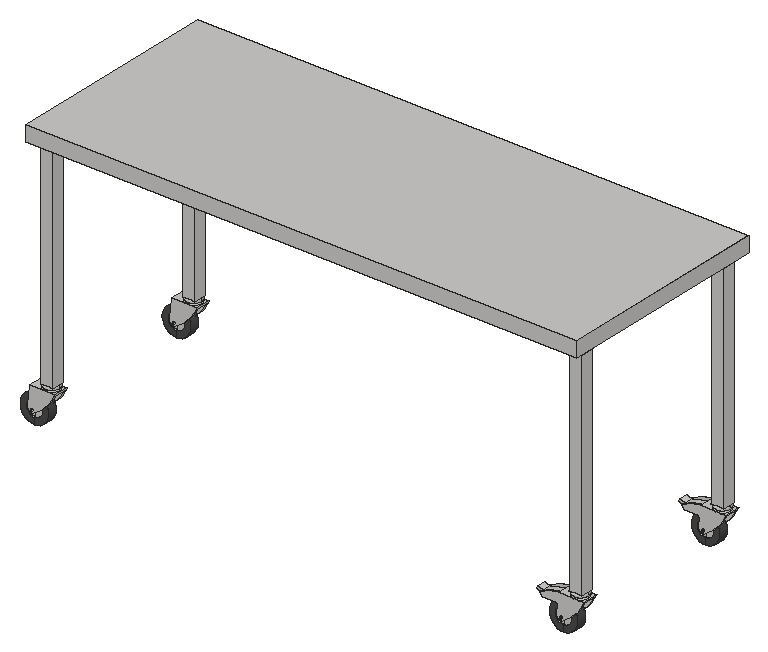
Revit family "QF_ZANUSSI_133243_TG1800MN", category Attrezzature speciali, Revit 2020
Family settings
  Quota connettore circolare = Usa diametro
  Tipo di parte = Normale
  Basato su piano di lavoro = No
  Sempre verticale = Sì
  Taglio con vuoti quando caricato = No
  Condiviso = No
  Punto di calcolo locali = No
Parameters (values of type "Standard")
  Weight = 54.00 kg
  Watts = 0 W
  Volts = 0 V
  URL Manufacturer = "http://www.zanussiprofessional.com"
  URL = "http://www.zanussiprofessional.com"
  Steam Supply Size = 0 mm
  Steam Supply Minimum Pressure = 0.0 Pa
  Steam Supply Maximum Pressure = 0.0 Pa
  Steam Consumption per Hour = 0
  Refrigeration Suction Line Size = 0.0 mm
  Refrigeration Liquid Line Size = 0.0 mm
  Refrigerant Compressor Remote = yes
  Prospetto di default = 0.0 mm
  Produttore = "Zanussi"
  Phase = 0
  Modello = "TG1800MN"
  Length Actual = 1800.0 mm  # constant formula
  Item Number = "133243"
  Hot Water Size = 0 mm
  Height Actual = 900.0 mm  # constant formula
  HP = "0 HP"
  Gas Size = 0 mm
  Gas KW = 0
  Gas Input Pressure = 0 W
  Direct Waste Size = 0 mm
  Descrizione = "WORK TABLE ON WHEELS 1800 MM"
  Depth Actual = 700.0 mm  # constant formula
  Cycle = 0 Hz
  Condensate Return Size = 0 mm
  Compressed Air Volume = 0.0 L/s
  Compressed Air Size = 0 mm
  Compressed Air Pressure = 0.0 Pa
  Cold Water Size = 0 mm
  Accessory = yes
Reference planes
  plane 1 "Center (Front/Back)": y = 0
  plane 2: z = 0
  plane 3 "Center (Left/Right)": x = -300
  plane 4 "LEFT": x = -1200
  plane 5 "RIGHT": x = 600
  plane 6 "BACK": y = 350
  plane 7 "FRONT": y = -350
  plane 8 "Base": z = 850
  plane 9 "TOP": z = 900
  plane 10: x = -1164.5
  plane 11: x = 564.5
  plane 12: y = 290
  plane 13: y = -290
Forms (mm)
  Extrusion 1, solid, material "QF_Finishes_Stainless Steel"
    sketch origin (0, 0, 900) x (0, 1, 0) y (-1, 0, 0)
      loop
        line (350, 1200) -> (-350, 1200) -> (-350, -600) -> (350, -600) -> (350, 1200)
    from 0 to -50
  Extrusion 2, solid, material "QF_Finishes_Stainless Steel"
    sketch origin (-300, 0, 0) x (0, 1, 0) y (0, 0, 1)
      loop
        line (350, 900) -> (-350, 900) -> (-350, 850) -> (350, 850) -> (350, 900)
    from 900 to -900
Lines and regions (mm)
  symbolic lines
    curve 1: line (600, 350, 900) -> (-1200, 350, 900)
    curve 2: line (-1200, 350, 900) -> (-1200, -350, 900)
    curve 3: line (-1200, -350, 900) -> (600, -350, 900)
    curve 4: line (600, -350, 900) -> (600, 350, 900)
Dimensions and locks
  plane 4 "LEFT" to plane 5 "RIGHT" = 1800.0 mm
  equal spacing: plane 4 "LEFT", plane 3 "Center (Left/Right)", plane 5 "RIGHT"
  equal spacing: plane 6 "BACK", plane 1 "Center (Front/Back)", plane 7 "FRONT"
  plane 6 "BACK" to plane 7 "FRONT" = 700.0 mm
  plane 8 "Base" to level = 850.0 mm
  plane 9 "TOP" to level = 900.0 mm
  plane 6 "BACK" to plane 12 = 60.0 mm
  plane 13 to plane 7 "FRONT" = 60.0 mm
  plane 4 "LEFT" to plane 10 = 35.5 mm
  plane 11 to plane 5 "RIGHT" = 35.5 mm
  plane 10 to plane 11 = 1729.0 mm
  plane 12 to plane 13 = 580.0 mm
  aligned and locked: level to plane 2
  aligned and locked: plane 10 to nested 1
  aligned and locked: nested 1 to plane 13
  aligned and locked: plane 11 to nested 2
  aligned and locked: nested 2 to plane 13
  aligned and locked: plane 11 to nested 4
  aligned and locked: nested 4 to plane 12
  aligned and locked: plane 10 to nested 3
  aligned and locked: nested 3 to plane 12
  aligned and locked: Extrusion 1 sketch curve to plane 6 "BACK"
  aligned and locked: Extrusion 1 sketch curve to plane 4 "LEFT"
  aligned and locked: Extrusion 1 sketch curve to plane 7 "FRONT"
  aligned and locked: Extrusion 1 sketch curve to plane 5 "RIGHT"
  aligned and locked: plane 12 to nested 6
  aligned and locked: plane 11 to nested 6
  aligned and locked: plane 13 to nested 5
  aligned and locked: plane 10 to nested 5
  aligned and locked: plane 12 to nested 7
  aligned and locked: plane 10 to nested 7
  aligned and locked: plane 11 to nested 8
  aligned and locked: plane 13 to nested 8
  aligned and locked: Extrusion 2 sketch curve to plane 6 "BACK"
  aligned and locked: Extrusion 2 sketch curve to plane 9 "TOP"
  aligned and locked: plane 8 "Base" to Extrusion 2 sketch curve
  aligned and locked: plane 7 "FRONT" to Extrusion 2 sketch curve
  aligned and locked: Extrusion 2 to plane 4 "LEFT"
  aligned and locked: plane 5 "RIGHT" to Extrusion 2
  aligned and locked: plane 6 "BACK" to Extrusion 2
  aligned and locked: Extrusion 2 to plane 7 "FRONT"
Automatic sketch dimensions
  curve 2 to plane 4 "LEFT" = 0.0 mm
  curve 2 to plane 7 "FRONT" = 0.0 mm
  curve 2 to plane 6 "BACK" = 0.0 mm
  curve 1 to plane 5 "RIGHT" = 0.0 mm
Nested families
  nested 1: "FEET_40x40_WHEEL" at (-1164.5, -290, 0), type "FEET_40x40_WHEEL"
  nested 2: "FEET_40x40_WHEEL" at (564.5, -290, 0), type "FEET_40x40_WHEEL"
  nested 3: "FEET_40x40_WHEEL" at (-1164.5, 290, 0), type "FEET_40x40_WHEEL"
  nested 4: "FEET_40x40_WHEEL" at (564.5, 290, 0), type "FEET_40x40_WHEEL"
  nested 5: "WHEEL130" at (-1164.5, -190.35, 0), type "WHEEL130"
    with Type Mark "", Status "", Specification by User "", Revision Code "", Installed By "", Identify Quantity as Lot yes, Furnished By "", Foodservice Equipment Identifier yes
  nested 6: "WHEEL130_LOCKED" at (564.5, 389.65, 0), type "WHEEL130_LOCKED"
    with Type Mark "", Status "", Specification by User "", Revision Code "", Installed By "", Identify Quantity as Lot yes, Furnished By "", Foodservice Equipment Identifier yes
  nested 7: "WHEEL130" at (-1164.5, 389.65, 0), type "WHEEL130"
    with Type Mark "", Status "", Specification by User "", Revision Code "", Installed By "", Identify Quantity as Lot yes, Furnished By "", Foodservice Equipment Identifier yes
  nested 8: "WHEEL130_LOCKED" at (564.5, -190.35, 0), type "WHEEL130_LOCKED"
    with Type Mark "", Status "", Specification by User "", Revision Code "", Installed By "", Identify Quantity as Lot yes, Furnished By "", Foodservice Equipment Identifier yes
Definition of nested family "FEET_40x40_WHEEL"
  Parameters
    Default Elevation = 0.0 mm
    FEET = 850.0 mm
  Reference planes
    plane 1 "Center (Front/Back)": y = 0
    plane 2: z = 0
    plane 3 "Center (Left/Right)": x = 0
    plane 4: z = 850
  Forms (mm)
    Extrusion 1, solid
      sketch origin (0, 0, 0) x (1, 0, 0) y (0, 1, 0)
        loop
          line (-20, -20) -> (20, -20) -> (20, 20) -> (-20, 20) -> (-20, -20)
      from 130 to 845
    Extrusion 2, solid
      sketch origin (0, 0, 0) x (1, 0, 0) y (0, 1, 0)
        loop
          line (30, 30) -> (-30, 30) -> (-30, -30) -> (30, -30) -> (30, 30)
      from 845 to 850
  Lines and regions (mm)
    symbolic lines
      curve 1: line (0, -1.503, 0) -> (0, 1.508, 0)
      curve 2: line (1.561, 0, 0) -> (-1.439, 0, 0)
  Dimensions and locks
    "FEET": plane 4 to plane 2
    aligned and locked: level to plane 2
  Automatic sketch dimensions
    Extrusion 1 sketch curve to plane 3 "Center (Left/Right)" = 20.0 mm
    plane 3 "Center (Left/Right)" to Extrusion 1 sketch curve = 20.0 mm
    plane 1 "Center (Front/Back)" to Extrusion 1 sketch curve = 20.0 mm
    Extrusion 1 sketch curve to plane 1 "Center (Front/Back)" = 20.0 mm
    plane 3 "Center (Left/Right)" to Extrusion 2 sketch curve = 30.0 mm
    Extrusion 2 sketch curve to plane 1 "Center (Front/Back)" = 30.0 mm
    Extrusion 2 sketch curve to plane 3 "Center (Left/Right)" = 30.0 mm
    plane 1 "Center (Front/Back)" to Extrusion 2 sketch curve = 30.0 mm
    plane 1 "Center (Front/Back)" to curve 2 = 0.0 mm
    curve 1 to plane 3 "Center (Left/Right)" = 0.0 mm
    curve 2 to plane 3 "Center (Left/Right)" = 1.439 mm
    plane 3 "Center (Left/Right)" to curve 2 = 1.561 mm
    plane 1 "Center (Front/Back)" to curve 1 = 1.503 mm
    curve 1 to plane 1 "Center (Front/Back)" = 1.508 mm
Definition of nested family "WHEEL130"
  Parameters
    Weight = ""
    URL Manufacturer = ""
    URL Cutsheet = ""
    URL = ""
    Type Mark [instance] = ""
    Status [instance] = ""
    Specification by User [instance] = ""
    Specification by Manufacturer = ""
    Serial Number = ""
    Seismic Rating = ""
    SMACNA No = ""
    Revision Code [instance] = ""
    Default Elevation = 0.0 mm
    Omniclass Number and Title = ""
    NAFEM Spec ID Number = ""
    Model = ""
    MasterSpec. = ""
    Manufacturer = ""
    Installed By [instance] = ""
    Identify Quantity as Lot [instance] = yes
    Furnished By [instance] = ""
    Foodservice Equipment Identifier [instance] = yes
    Description = ""
    CSI MasterFormat = ""
    CSI Master Format = ""
    Assembly Code = ""
  Reference planes
    plane 1: z = 0
    plane 2 "Center (Front/Back)": y = -99.65
    plane 3 "Center (Left/Right)": x = 0
    plane 4 "TOP": z = 130
    plane 5 "Center X Caster": x = -44
  Forms (mm)
    Revolve 1, solid
      sketch origin (-44, -53.609, -25.504) x (0, -1, 0) y (0, 0, 1)
        loop
          line (26.04, 72.523) -> (26.04, 66.136) -> (35.372, 66.136) -> (35.372, 45.418) -> (31.533, 45.418) -> (31.533, 25.504) -> (60.548, 25.504) -> (60.548, 45.418) -> (56.709, 45.418) -> (56.709, 66.136) -> (66.04, 66.136) -> (66.04, 72.523) -> (26.04, 72.523)
        loop
          line (71.04, 69.259) -> (72.755, 69.259) -> (74.056, 70.56) -> (74.056, 72.523) -> (71.04, 72.523) -> (71.04, 69.259)
        loop
          line (21.099, 69.259) -> (21.099, 72.523) -> (18.053, 72.523) -> (18.053, 70.56) -> (19.353, 69.259) -> (21.099, 69.259)
        axis (18.053, 72.523) -> (74.056, 72.523)
      angle from 0 to 360
    Extrusion 2, solid
      sketch origin (0, -99.65, 0) x (-1, 0, 0) y (0, 0, 1)
        loop
          line (51.098, 117.019) -> (-30.875, 117.019) -> (-30.453, 113.093)
          arc (-30.453, 113.093) -> (-1.61, 71.515) -> (37.622, 39.556) r 180.858
          arc (37.622, 39.556) -> (51.933, 40.484) -> (57.92, 53.515) r 14
          line (57.92, 53.515) -> (51.098, 117.019)
        loop
          circle (44, 47.019) r 3.264
      from -20 to -25
    Extrusion 3, solid
      sketch origin (0, -99.65, 0) x (-1, 0, 0) y (0, 0, 1)
        loop
          line (51.098, 117.019) -> (-30.875, 117.019) -> (-30.453, 113.093)
          arc (-30.453, 113.093) -> (-1.61, 71.515) -> (37.622, 39.556) r 180.858
          arc (37.622, 39.556) -> (51.933, 40.484) -> (57.92, 53.515) r 14
          line (57.92, 53.515) -> (51.098, 117.019)
        loop
          circle (44, 47.019) r 3.264
      from 20 to 25
    Revolve 4, solid
      sketch origin (0, -99.65, 0) x (-1, 0, 0) y (0, 0, 1)
        loop
          line (0, 130) -> (-20, 130)
          arc (-20, 130) -> (-23.905, 128.171) -> (-25, 124) r 5.083
          line (-25, 124) -> (-22.422, 124) -> (-22.422, 121.88) -> (-24.688, 117.019) -> (0, 117.019) -> (0, 130)
        axis (0, 130) -> (0, 117.019)
      angle from 0 to 360
    Extrusion 5, solid
      sketch origin (0, -99.65, 0) x (-1, 0, 0) y (0, 0, 1)
        loop
          line (-30.875, 117.019) -> (-30.453, 113.093) -> (51.519, 113.093) -> (51.098, 117.019) -> (-30.875, 117.019)
      from -20 to 20
  Cuts and joins
    joined: Extrusion 2, Extrusion 3, Extrusion 5
  Lines and regions (mm)
    symbolic lines
      curve 1: line (-10, -99.65, 0) -> (10, -99.65, 0)
      curve 2: line (0, -108.445, 0) -> (0, -90.405, 0)
  Dimensions and locks
    plane 4 "TOP" to level = 130.0 mm  (x3)
    aligned and locked: level to plane 1
Definition of nested family "WHEEL130_LOCKED"
  Parameters
    Weight = ""
    URL Manufacturer = ""
    URL Cutsheet = ""
    URL = ""
    Type Mark [instance] = ""
    Status [instance] = ""
    Specification by User [instance] = ""
    Specification by Manufacturer = ""
    Serial Number = ""
    Seismic Rating = ""
    SMACNA No = ""
    Revision Code [instance] = ""
    Default Elevation = 0.0 mm
    Omniclass Number and Title = ""
    NAFEM Spec ID Number = ""
    Model = ""
    MasterSpec. = ""
    Manufacturer = ""
    Installed By [instance] = ""
    Identify Quantity as Lot [instance] = yes
    Furnished By [instance] = ""
    Foodservice Equipment Identifier [instance] = yes
    Description = ""
    CSI MasterFormat = ""
    CSI Master Format = ""
    Assembly Code = ""
  Reference planes
    plane 1: z = 0
    plane 2 "Center (Front/Back)": y = -99.65
    plane 3 "Center (Left/Right)": x = 0
    plane 4 "TOP": z = 130
    plane 5 "Center X Caster": x = -44
  Forms (mm)
    Revolve 1, solid
      sketch origin (-44, -53.609, -25.504) x (0, -1, 0) y (0, 0, 1)
        loop
          line (26.04, 72.523) -> (26.04, 66.136) -> (35.372, 66.136) -> (35.372, 45.418) -> (31.533, 45.418) -> (31.533, 25.504) -> (60.548, 25.504) -> (60.548, 45.418) -> (56.709, 45.418) -> (56.709, 66.136) -> (66.04, 66.136) -> (66.04, 72.523) -> (26.04, 72.523)
        loop
          line (71.04, 69.259) -> (72.755, 69.259) -> (74.056, 70.56) -> (74.056, 72.523) -> (71.04, 72.523) -> (71.04, 69.259)
        loop
          line (21.099, 69.259) -> (21.099, 72.523) -> (18.053, 72.523) -> (18.053, 70.56) -> (19.353, 69.259) -> (21.099, 69.259)
        axis (18.053, 72.523) -> (74.056, 72.523)
      angle from 0 to 360
    Extrusion 2, solid
      sketch origin (0, -99.65, 0) x (-1, 0, 0) y (0, 0, 1)
        loop
          line (56.125, 117.019) -> (-30.875, 117.019) -> (-30.453, 113.093)
          arc (-30.453, 113.093) -> (-1.61, 71.515) -> (37.622, 39.556) r 180.858
          arc (37.622, 39.556) -> (51.933, 40.484) -> (57.92, 53.515) r 14
          line (57.92, 53.515) -> (55.234, 78.516)
          arc (55.234, 78.516) -> (57.071, 84.203) -> (62.528, 86.637) r 7.337
          line (62.528, 86.637) -> (102.952, 86.637) -> (113.559, 97.243)
          arc (113.559, 97.243) -> (85.909, 110.231) -> (56.125, 117.019) r 142.32
        loop
          circle (44, 47.019) r 3.264
      from -20 to -25
    Extrusion 3, solid
      sketch origin (0, -99.65, 0) x (-1, 0, 0) y (0, 0, 1)
        loop
          line (56.125, 117.019) -> (-30.875, 117.019) -> (-30.453, 113.093)
          arc (-30.453, 113.093) -> (-1.61, 71.515) -> (37.622, 39.556) r 180.858
          arc (37.622, 39.556) -> (51.933, 40.484) -> (57.92, 53.515) r 14
          line (57.92, 53.515) -> (55.234, 78.516)
          arc (55.234, 78.516) -> (57.071, 84.203) -> (62.528, 86.637) r 7.337
          line (62.528, 86.637) -> (102.952, 86.637) -> (113.559, 97.243)
          arc (113.559, 97.243) -> (85.909, 110.231) -> (56.125, 117.019) r 142.32
        loop
          circle (44, 47.019) r 3.264
      from 20 to 25
    Extrusion 4, solid
      sketch origin (0, -99.65, 0) x (-1, 0, 0) y (0, 0, 1)
        loop
          line (133.012, 98.841) -> (130.309, 103.34) -> (113.559, 97.243)
          arc (113.559, 97.243) -> (84.897, 105.851) -> (55.427, 111.06) r 256.377
          line (55.427, 111.06) -> (44.82, 111.06)
          arc (44.82, 111.06) -> (37.781, 106.584) -> (38.85, 98.311) r 7.772
          line (38.85, 98.311) -> (105.452, 92.484) -> (114.112, 87.484) -> (133.012, 98.841)
        loop
          circle (44, 105.324) r 3.494
      from -14.507 to 14.507
    Extrusion 5, solid
      sketch origin (0, -99.65, 0) x (-1, 0, 0) y (0, 0, 1)
        loop
          circle (44, 105.324) r 3.494
      from -20 to 20
    Revolve 6, solid
      sketch origin (0, -99.65, 0) x (-1, 0, 0) y (0, 0, 1)
        loop
          line (0, 130) -> (-20, 130)
          arc (-20, 130) -> (-23.905, 128.171) -> (-25, 124) r 5.083
          line (-25, 124) -> (-22.422, 124) -> (-22.422, 121.88) -> (-24.688, 117.019) -> (0, 117.019) -> (0, 130)
        axis (0, 130) -> (0, 117.019)
      angle from 0 to 360
    Extrusion 7, solid
      sketch origin (0, -99.65, 0) x (-1, 0, 0) y (0, 0, 1)
        loop
          line (-30.875, 117.019) -> (-30.453, 113.093) -> (51.519, 113.093) -> (51.098, 117.019) -> (-30.875, 117.019)
      from -20 to 20
  Cuts and joins
    joined: Extrusion 2, Extrusion 3, Extrusion 7
  Lines and regions (mm)
    symbolic lines
      curve 1: line (11.908, -99.65, 0) -> (-11.403, -99.65, 0)
      curve 2: line (0, -111.652, 0) -> (0, -88.928, 0)
  Dimensions and locks
    plane 4 "TOP" to level = 130.0 mm  (x3)
    aligned and locked: level to plane 1
